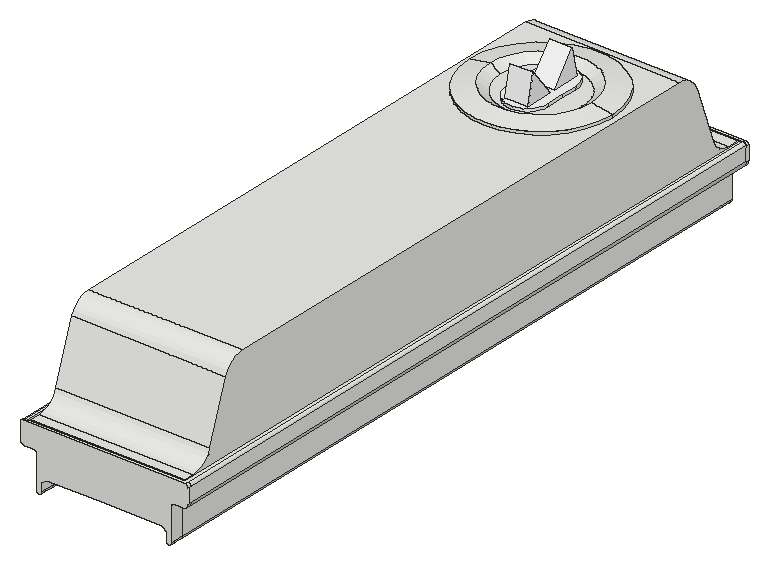
Revit family "Zumtobel TECTON 2 continuous row element RESCLITE PRO", category Lighting Fixtures, host Face, Revit 2023
Family settings
  Host = Face
  Round Connector Dimension = Use Diameter
  Part Type = Normal
  Cut with Voids When Loaded = Yes
  Light Source = No
  Maintain Annotation Orientation = No
  Shared = Yes
  Room Calculation Point = Yes
Parameters (values of type "<RESPRO TEC2 ESC HP E1D WH")
  Wattage = 8.2 W
  URL = "https://www.zumtobel.com/42191422"
  Type Light Source = Zumtobel-Light Source-TECTON 2-RESCLITE PRO : 42191422
  Type Image = ZS_RES_F_PRO_TECTON-II_ECx_ESC_WH.jpg
  Type IFC Predefined Type = "SECURITYLIGHTING"
  Type Comments = ""
  Type White = Zumtobel-Parts-TECTON 2-RESCLITE PRO-Housing : White
  Type Black = Zumtobel-Parts-TECTON 2-RESCLITE PRO-Housing : Black
  Type Housing = if(White, Type White, if(Black, Type Black, Type White))  # Zumtobel-Parts-TECTON 2-RESCLITE PRO-Housing : White
  White = yes
  Spot = no
  SELECT Radiation angle = "SELECT Radiation angle"  # constant formula
  SELECT Colour = "SELECT Colour"  # constant formula
  Lens Rotation Angle [instance] = 0.00°
  Include in Schedule [instance] = yes
  Export Type to IFC As = "IfcLightFixtureType"
  Escape 90 = no
  Escape = yes
  Black = no
  Power Factor = 0.84
  Model = "42191422"
  Manufacturer = "Zumtobel Lighting"  # constant formula
  Luminaire Width = 60 mm  # constant formula
  Luminaire Length = 250 mm  # constant formula
  Luminaire Height = 44 mm  # constant formula
  Lighting Trunking System Mark [instance] = ""
  Lamp = "LED"  # constant formula
  Description = "Emergency Lighting Luminaires"  # constant formula
  Default Elevation = 0 mm  # constant formula
  Assembly Code = "Pr_70_70_48_74"
  Apparent Load = Wattage / Power Factor  # 9.7619 VA
  Antipanic = no
Types (47, lengths in mm): name | Wattage | URL | Type Light Source | Spot | Escape 90 | Escape | Power Factor | Model | Apparent Load | Antipanic
  RESPRO TEC2 ANT E1D WH | 4.7 W | "https://www.zumtobel.com/42191036" | Zumtobel-Light Source-TECTON 2-RESCLITE PRO : 42191036 | no | no | no | 0.7 | "42191036" | 6.71429 VA | yes
  RESPRO TEC2 ANT E3D WH | 4.7 W | "https://www.zumtobel.com/42191423" | Zumtobel-Light Source-TECTON 2-RESCLITE PRO : 42191423 | no | no | no | 0.7 | "42191423" | 6.71429 VA | yes
  RESPRO TEC2 ESC E1D WH | 4.7 W | "https://www.zumtobel.com/42191332" | Zumtobel-Light Source-TECTON 2-RESCLITE PRO : 42191332 | no | no | yes | 0.7 | "42191332" | 6.71429 VA | no
  RESPRO TEC2 ESC E3D WH | 4.7 W | "https://www.zumtobel.com/42191331" | Zumtobel-Light Source-TECTON 2-RESCLITE PRO : 42191331 | no | no | yes | 0.7 | "42191331" | 6.71429 VA | no
  RESPRO TEC2 ESC90 E3D WH | 4.7 W | "https://www.zumtobel.com/42191393" | Zumtobel-Light Source-TECTON 2-RESCLITE PRO : 42191393 | no | yes | no | 0.7 | "42191393" | 6.71429 VA | no
  RESPRO TEC2 SPOT E3D WH | 4.7 W | "https://www.zumtobel.com/42191394" | Zumtobel-Light Source-TECTON 2-RESCLITE PRO : 42191394 | yes | no | no | 0.7 | "42191394" | 6.71429 VA | no
  <RESPRO TEC2 ESC HP E1D WH | 8.2 W | "https://www.zumtobel.com/42191422" | Zumtobel-Light Source-TECTON 2-RESCLITE PRO : 42191422 | no | no | yes | 0.84 | "42191422" | 9.7619 VA | no
  <RESPRO TEC2 SPOT HP E1D WH | 8.2 W | "https://www.zumtobel.com/42191390" | Zumtobel-Light Source-TECTON 2-RESCLITE PRO : 42191390 | yes | no | no | 0.84 | "42191390" | 9.7619 VA | no
  RESPRO TEC2 ESC90 HP E1D WH | 8.2 W | "https://www.zumtobel.com/42191389" | Zumtobel-Light Source-TECTON 2-RESCLITE PRO : 42191389 | no | yes | no | 0.84 | "42191389" | 9.7619 VA | no
  RESPRO TEC2 ANT HC E1D WH | 6.7 W | "https://www.zumtobel.com/42191391" | Zumtobel-Light Source-TECTON 2-RESCLITE PRO : 42191391 | no | no | no | 0.79 | "42191391" | 8.48101 VA | yes
  RESPRO TEC2 ESC HC E1D WH | 6.7 W | "https://www.zumtobel.com/42191392" | Zumtobel-Light Source-TECTON 2-RESCLITE PRO : 42191392 | no | no | yes | 0.79 | "42191392" | 8.48101 VA | no
  <RESPRO TEC2 SPOT ECC WH | 3.8 W | "https://www.zumtobel.com/42191400" | Zumtobel-Light Source-TECTON 2-RESCLITE PRO : 42191400 | yes | no | no | 0.65 | "42191400" | 5.84615 VA | no
  RESPRO TEC2 ANT ECC WH | 3.8 W | "https://www.zumtobel.com/42191424" | Zumtobel-Light Source-TECTON 2-RESCLITE PRO : 42191424 | no | no | no | 0.65 | "42191424" | 5.84615 VA | yes
  RESPRO TEC2 ANT ECD WH | 3.9 W | "https://www.zumtobel.com/42191333" | Zumtobel-Light Source-TECTON 2-RESCLITE PRO : 42191333 | no | no | no | 0.66 | "42191333" | 5.90909 VA | yes
  RESPRO TEC2 ANT ECP WH | 3.8 W | "https://www.zumtobel.com/42191037" | Zumtobel-Light Source-TECTON 2-RESCLITE PRO : 42191037 | no | no | no | 0.65 | "42191037" | 5.84615 VA | yes
  RESPRO TEC2 ANT ELP WH | 3.2 W | "https://www.zumtobel.com/42191425" | Zumtobel-Light Source-TECTON 2-RESCLITE PRO : 42191425 | no | no | no | 0.65 | "42191425" | 4.92308 VA | yes
  RESPRO TEC2 ESC ECC WH | 3.8 W | "https://www.zumtobel.com/42191401" | Zumtobel-Light Source-TECTON 2-RESCLITE PRO : 42191401 | no | no | yes | 0.65 | "42191401" | 5.84615 VA | no
  RESPRO TEC2 ESC ECD WH | 3.9 W | "https://www.zumtobel.com/42191408" | Zumtobel-Light Source-TECTON 2-RESCLITE PRO : 42191408 | no | no | yes | 0.66 | "42191408" | 5.90909 VA | no
  RESPRO TEC2 ESC ECP WH | 3.8 W | "https://www.zumtobel.com/42191334" | Zumtobel-Light Source-TECTON 2-RESCLITE PRO : 42191334 | no | no | yes | 0.65 | "42191334" | 5.84615 VA | no
  RESPRO TEC2 ESC ELP WH | 3.2 W | "https://www.zumtobel.com/42191388" | Zumtobel-Light Source-TECTON 2-RESCLITE PRO : 42191388 | no | no | yes | 0.65 | "42191388" | 4.92308 VA | no
  RESPRO TEC2 ESC90 ECC WH | 3.8 W | "https://www.zumtobel.com/42191399" | Zumtobel-Light Source-TECTON 2-RESCLITE PRO : 42191399 | no | yes | no | 0.65 | "42191399" | 5.84615 VA | no
  RESPRO TEC2 ESC90 ECD WH | 3.9 W | "https://www.zumtobel.com/42191409" | Zumtobel-Light Source-TECTON 2-RESCLITE PRO : 42191409 | no | yes | no | 0.66 | "42191409" | 5.90909 VA | no
  RESPRO TEC2 ESC90 ECP WH | 3.8 W | "https://www.zumtobel.com/42191416" | Zumtobel-Light Source-TECTON 2-RESCLITE PRO : 42191416 | no | yes | no | 0.65 | "42191416" | 5.84615 VA | no
  RESPRO TEC2 ESC90 ELP WH | 3.2 W | "https://www.zumtobel.com/42191387" | Zumtobel-Light Source-TECTON 2-RESCLITE PRO : 42191387 | no | yes | no | 0.65 | "42191387" | 4.92308 VA | no
  RESPRO TEC2 SPOT ECD WH | 3.9 W | "https://www.zumtobel.com/42191410" | Zumtobel-Light Source-TECTON 2-RESCLITE PRO : 42191410 | yes | no | no | 0.66 | "42191410" | 5.90909 VA | no
  RESPRO TEC2 SPOT ECP WH | 3.8 W | "https://www.zumtobel.com/42191417" | Zumtobel-Light Source-TECTON 2-RESCLITE PRO : 42191417 | yes | no | no | 0.65 | "42191417" | 5.84615 VA | no
  RESPRO TEC2 SPOT ELP WH | 3.2 W | "https://www.zumtobel.com/42191386" | Zumtobel-Light Source-TECTON 2-RESCLITE PRO : 42191386 | yes | no | no | 0.65 | "42191386" | 4.92308 VA | no
  <RESPRO TEC2 ESC HP ECP WH | 7.5 W | "https://www.zumtobel.com/42191381" | Zumtobel-Light Source-TECTON 2-RESCLITE PRO : 42191381 | no | no | yes | 0.8 | "42191381" | 9.375 VA | no
  RESPRO TEC2 ANT HP ECC WH | 7.2 W | "https://www.zumtobel.com/42191406" | Zumtobel-Light Source-TECTON 2-RESCLITE PRO : 42191406 | no | no | no | 0.81 | "42191406" | 8.88889 VA | yes
  RESPRO TEC2 ANT HP ECD WH | 7.2 W | "https://www.zumtobel.com/42191330" | Zumtobel-Light Source-TECTON 2-RESCLITE PRO : 42191330 | no | no | no | 0.81 | "42191330" | 8.88889 VA | yes
  RESPRO TEC2 ANT HP ECP WH | 7.5 W | "https://www.zumtobel.com/42191329" | Zumtobel-Light Source-TECTON 2-RESCLITE PRO : 42191329 | no | no | no | 0.81 | "42191329" | 9.25926 VA | yes
  RESPRO TEC2 ESC HP ECC WH | 7.2 W | "https://www.zumtobel.com/42191407" | Zumtobel-Light Source-TECTON 2-RESCLITE PRO : 42191407 | no | no | yes | 0.81 | "42191407" | 8.88889 VA | no
  RESPRO TEC2 ESC HP ECD WH | 7.2 W | "https://www.zumtobel.com/42191415" | Zumtobel-Light Source-TECTON 2-RESCLITE PRO : 42191415 | no | no | yes | 0.81 | "42191415" | 8.88889 VA | no
  RESPRO TEC2 ESC90 HP ECC WH | 7.2 W | "https://www.zumtobel.com/42191404" | Zumtobel-Light Source-TECTON 2-RESCLITE PRO : 42191404 | no | yes | no | 0.81 | "42191404" | 8.88889 VA | no
  RESPRO TEC2 ESC90 HP ECD WH | 7.2 W | "https://www.zumtobel.com/42191413" | Zumtobel-Light Source-TECTON 2-RESCLITE PRO : 42191413 | no | yes | no | 0.81 | "42191413" | 8.88889 VA | no
  RESPRO TEC2 ESC90 HP ECP WH | 7.5 W | "https://www.zumtobel.com/42191420" | Zumtobel-Light Source-TECTON 2-RESCLITE PRO : 42191420 | no | yes | no | 0.8 | "42191420" | 9.375 VA | no
  RESPRO TEC2 SPOT HP ECC WH | 7.2 W | "https://www.zumtobel.com/42191405" | Zumtobel-Light Source-TECTON 2-RESCLITE PRO : 42191405 | yes | no | no | 0.81 | "42191405" | 8.88889 VA | no
  RESPRO TEC2 SPOT HP ECD WH | 7.2 W | "https://www.zumtobel.com/42191414" | Zumtobel-Light Source-TECTON 2-RESCLITE PRO : 42191414 | yes | no | no | 0.81 | "42191414" | 8.88889 VA | no
  RESPRO TEC2 SPOT HP ECP WH | 7.5 W | "https://www.zumtobel.com/42191421" | Zumtobel-Light Source-TECTON 2-RESCLITE PRO : 42191421 | yes | no | no | 0.8 | "42191421" | 9.375 VA | no
  RESPRO TEC2 ANT HC ECC WH | 4.4 W | "https://www.zumtobel.com/42191402" | Zumtobel-Light Source-TECTON 2-RESCLITE PRO : 42191402 | no | no | no | 0.69 | "42191402" | 6.37681 VA | yes
  RESPRO TEC2 ANT HC ECD WH | 4.5 W | "https://www.zumtobel.com/42191411" | Zumtobel-Light Source-TECTON 2-RESCLITE PRO : 42191411 | no | no | no | 0.7 | "42191411" | 6.42857 VA | yes
  RESPRO TEC2 ANT HC ECP WH | 4.5 W | "https://www.zumtobel.com/42191418" | Zumtobel-Light Source-TECTON 2-RESCLITE PRO : 42191418 | no | no | no | 0.7 | "42191418" | 6.42857 VA | yes
  RESPRO TEC2 ANT HC ELP WH | 3.7 W | "https://www.zumtobel.com/42191385" | Zumtobel-Light Source-TECTON 2-RESCLITE PRO : 42191385 | no | no | no | 0.65 | "42191385" | 5.69231 VA | yes
  RESPRO TEC2 ESC HC ECC WH | 4.4 W | "https://www.zumtobel.com/42191403" | Zumtobel-Light Source-TECTON 2-RESCLITE PRO : 42191403 | no | no | yes | 0.69 | "42191403" | 6.37681 VA | no
  RESPRO TEC2 ESC HC ECD WH | 4.5 W | "https://www.zumtobel.com/42191412" | Zumtobel-Light Source-TECTON 2-RESCLITE PRO : 42191412 | no | no | yes | 0.7 | "42191412" | 6.42857 VA | no
  RESPRO TEC2 ESC HC ECP WH | 4.5 W | "https://www.zumtobel.com/42191419" | Zumtobel-Light Source-TECTON 2-RESCLITE PRO : 42191419 | no | no | yes | 0.7 | "42191419" | 6.42857 VA | no
  RESPRO TEC2 ESC HC ELP WH | 3.7 W | "https://www.zumtobel.com/42191384" | Zumtobel-Light Source-TECTON 2-RESCLITE PRO : 42191384 | no | no | yes | 0.65 | "42191384" | 5.69231 VA | no
Reference planes
  plane 1 "Center (Front/Back)": y = 0
  plane 2: z = 0
  plane 3 "Center (Left/Right)": x = 0
  plane 4 "Bottom": z = 44
  plane 5: x = -30
  plane 6: x = 30
  plane 7: y = 125
  plane 8: y = -125
  plane 9: y = 70
Lines and regions (mm)
  Filled region 1, type "White"
    outline origin (0, 0, 0) x (1, 0, 0) y (0, 1, 0)
      loop
        circle (0, 70) r 25.5
      loop
        line (-30, 125) -> (-30, -125) -> (30, -125) -> (30, 125) -> (-30, 125)
  Filled region 2, type "White"
    outline origin (0, 0, 0) x (1, 0, 0) y (0, 1, 0)
      loop
        circle (0, 70) r 25.5
  model lines, style "InvisibleLines"
    curve 1: line (-205, 125, 0) -> (205, 125, 0)
    curve 2: line (-205, -125, 0) -> (205, -125, 0)
    curve 7: line (0, 0, 0) -> (0, -300, 0)
    curve 8: line (0, -300, 0) -> (34.202, -206.031, 0)
    curve 9: line (0, -300, 0) -> (-34.202, -206.031, 0)
  reference lines
    curve 3: line (0, 0, 0) -> (0, -70, 0)
    curve 6: line (0, 70, 0) -> (0, -530, 0)
  model lines
    curve 4: line (-24.2, -125, 0) -> (24.2, -125, 0)
    curve 5: line (-24.2, 125, 0) -> (24.2, 125, 0)
Dimensions and locks
  "Luminaire Height": plane 4 "Bottom" to host face
  equal spacing: plane 5, plane 3 "Center (Left/Right)", plane 6
  "Luminaire Width": plane 5 to plane 6
  equal spacing: plane 8, plane 1 "Center (Front/Back)", plane 7
  "Luminaire Length": plane 8 to plane 7
  locked: plane 1 "Center (Front/Back)" to plane 9 at 70
  "Lens Rotation Angle": angle curve 6 to plane 3 "Center (Left/Right)"
  aligned and locked: plane 2 to host face
  aligned and locked: level to host face
  aligned and locked: plane 8 to curve 2
  aligned and locked: curve 1 to plane 7
  aligned and locked: Filled region 1 sketch curve to plane 8
  aligned and locked: Filled region 1 sketch curve to plane 7
  aligned and locked: Filled region 1 sketch curve to plane 6
  aligned and locked: plane 5 to Filled region 1 sketch curve
  aligned and locked: plane 1 "Center (Front/Back)" to nested 1
  aligned and locked: plane 3 "Center (Left/Right)" to nested 1
  aligned and locked: plane 9 to curve 6
  aligned and locked: plane 3 "Center (Left/Right)" to curve 6
  aligned and locked: nested 2 to plane 4 "Bottom"
Automatic sketch dimensions
  host sketch curve to host sketch curve = 2438.4 mm  (x2)
  Filled region 1 sketch curve to plane 3 "Center (Left/Right)" = 0 mm
  Filled region 1 sketch curve to plane 8 = 195 mm
  curve 4 to level = 0 mm
  plane 6 to curve 4 = 5.8 mm
  curve 4 to plane 5 = 5.8 mm
  curve 5 to level = 0 mm
  curve 5 to plane 6 = 5.8 mm
  plane 5 to curve 5 = 5.8 mm
  Filled region 2 sketch curve to plane 3 "Center (Left/Right)" = 0 mm
  Filled region 2 sketch curve to plane 7 = 55 mm
  plane 1 "Center (Front/Back)" to curve 7 = 0 mm
  curve 7 to plane 3 "Center (Left/Right)" = 0 mm
  plane 8 to curve 7 = 175 mm
  curve 9 to plane 5 = 4.202 mm
  curve 1 to plane 5 = 175 mm
  curve 2 to plane 5 = 175 mm
  plane 6 to curve 8 = 4.202 mm
  plane 6 to curve 1 = 175 mm
  plane 6 to curve 2 = 175 mm
  plane 8 to curve 9 = 81.031 mm
  curve 9 to curve 8 = 0 mm
  curve 3 to plane 3 "Center (Left/Right)" = 0 mm
  plane 1 "Center (Front/Back)" to curve 3 = 0 mm
  curve 3 to plane 8 = 55 mm
  radius of Filled region 1 sketch curve = 25.5 mm
  radius of Filled region 2 sketch curve = 25.5 mm
Nested families
  nested 1: "Zumtobel-Parts-TECTON 2-RESCLITE PRO-Housing" at (0, 0, 0) x (0, -1, 0) z (0, 0, -1), A <- "Luminaire Length", type <- "Type Housing", Antipanic <- "Antipanic", Escape <- "Escape", Escape 90 <- "Escape 90", Spot <- "Spot", type "White"
    with Spot no, HP no, HC no, Escape 90 no, Escape yes, Antipanic no, A 250 mm
  nested 2: "Zumtobel-Light Source-TECTON 2-RESCLITE PRO" at (0, 70, 44) x (-1, 0, 0) z (0, 0, -1), type <- "Type Light Source", type "42191422"
    with Angle 0.00°
Connectors
  electrical at (0, 0, 0), driven by "Apparent Load", driven by "Power Factor"
    settings: index 1, voltage 230 V, apparent load 9.7619 VA, apparent load phase1 0 VA, apparent load phase2 0 VA, apparent load phase3 0 VA, power factor 0.84, load classification "Lighting", number of poles 1, system type 30, power factor state 1, is connector primary yes, connector utility no, sub classification motor no, connector description ""
Definition of nested family "Zumtobel-Parts-TECTON 2-RESCLITE PRO-Housing"
  Parameters (values of type "White")
    Spot [instance] = yes
    Material Housing = none
    Material Cover = none
    Manufacturer = "Zumtobel Lighting"  # constant formula
    HP [instance] = no
    Escape 90 [instance] = no
    Escape [instance] = no
    Default Elevation = 0 mm  # constant formula
    C = 44 mm  # constant formula
    B = 60 mm  # constant formula
    HC [instance] = no
    Antipanic [instance] = no
    A [instance] = 250 mm  # constant formula
  Types (2, lengths in mm): name | Spot | HC | Antipanic
    Black | no | yes | yes
    White | yes | no | no
  Reference planes
    plane 1 "Center (Front/Back)": y = 0
    plane 2: z = 0
    plane 3 "Center (Left/Right)": x = 0
    plane 4: x = -125
    plane 5: x = 125
    plane 6: y = 30
    plane 7: y = -30
    plane 8: z = -44
    plane 9: x = -124
    plane 10: x = -120.5
    plane 11: x = 124
    plane 12: x = 120.5
    plane 13: x = -95.409
    plane 14: x = -70
  Forms (mm)
    Extrusion 1, solid, material <- "Material Housing"
      sketch origin (0, 7.257, -8.942) x (0, 1, 0) y (0, 0, 1)
        loop
          arc (16.943, 15.62) -> (15.922, 16.642) -> (14.9, 15.62) r 1.022
          line (14.9, 15.62) -> (14.9, 12.801) -> (10.329, 9.025) -> (-7.257, 9.025) -> (-24.842, 9.025) -> (-29.413, 12.801) -> (-29.413, 15.62)
          arc (-29.413, 15.62) -> (-30.435, 16.642) -> (-31.457, 15.62) r 1.022
          line (-31.457, 15.62) -> (-31.457, 3.728)
          arc (-31.457, 3.728) -> (-31.634, 3.298) -> (-32.064, 3.12) r 0.608
          line (-32.064, 3.12) -> (17.551, 3.12)
          arc (17.551, 3.12) -> (17.121, 3.298) -> (16.943, 3.728) r 0.608
          line (16.943, 3.728) -> (16.943, 15.62)
      from -120.5 to 120.5
    Extrusion 2, solid, material <- "Material Housing"
      sketch origin (0, 7.257, -8.942) x (0, 1, 0) y (0, 0, 1)
        loop
          line (-7.241, 3.12) -> (-35.357, 3.12)
          arc (-35.357, 3.12) -> (-36.7, 2.564) -> (-37.257, 1.22) r 1.9
          line (-37.257, 1.22) -> (-37.257, -3.866)
          arc (-37.257, -3.866) -> (-36.964, -4.573) -> (-36.257, -4.866) r 1
          line (-36.257, -4.866) -> (-35.257, -4.866) -> (-35.257, -1.866) -> (20.743, -1.866) -> (20.743, -4.866) -> (21.743, -4.866)
          arc (21.743, -4.866) -> (22.451, -4.573) -> (22.743, -3.866) r 1
          line (22.743, -3.866) -> (22.743, 1.22)
          arc (22.743, 1.22) -> (22.187, 2.564) -> (20.843, 3.12) r 1.9
          line (20.843, 3.12) -> (-7.241, 3.12)
      from -124 to 124
    Extrusion 3, solid, material <- "Material Housing"
      sketch origin (-125, 889.358, 1200) x (0, 1, 0) y (0, 0, 1)
        loop
          arc (-860.358, -1213.808) -> (-859.651, -1213.515) -> (-859.358, -1212.808) r 1
          line (-859.358, -1212.808) -> (-859.358, -1207.722)
          arc (-859.358, -1207.722) -> (-859.915, -1206.378) -> (-861.258, -1205.822) r 1.9
          line (-861.258, -1205.822) -> (-864.551, -1205.822)
          arc (-864.551, -1205.822) -> (-864.98, -1205.644) -> (-865.158, -1205.214) r 0.608
          line (-865.158, -1205.214) -> (-865.158, -1193.322)
          arc (-865.158, -1193.322) -> (-866.18, -1192.3) -> (-867.202, -1193.322) r 1.022
          line (-867.202, -1193.322) -> (-867.202, -1196.14) -> (-868.771, -1197.437) -> (-889.358, -1197.437) -> (-909.946, -1197.437) -> (-911.515, -1196.14) -> (-911.515, -1193.322)
          arc (-911.515, -1193.322) -> (-912.537, -1192.3) -> (-913.558, -1193.322) r 1.022
          line (-913.558, -1193.322) -> (-913.558, -1205.214)
          arc (-913.558, -1205.214) -> (-913.736, -1205.644) -> (-914.166, -1205.822) r 0.608
          line (-914.166, -1205.822) -> (-917.458, -1205.822)
          arc (-917.458, -1205.822) -> (-918.802, -1206.378) -> (-919.358, -1207.722) r 1.9
          line (-919.358, -1207.722) -> (-919.358, -1212.808)
          arc (-919.358, -1212.808) -> (-919.066, -1213.515) -> (-918.358, -1213.808) r 1
          line (-918.358, -1213.808) -> (-860.358, -1213.808)
      from 0 to 1
    Extrusion 4, solid, material <- "Material Housing"
      sketch origin (-125, 889.358, 1200) x (0, 1, 0) y (0, 0, 1)
        loop
          arc (-864.551, -1205.822) -> (-864.98, -1205.644) -> (-865.158, -1205.214) r 0.608
          line (-865.158, -1205.214) -> (-865.158, -1193.322)
          arc (-865.158, -1193.322) -> (-866.18, -1192.3) -> (-867.202, -1193.322) r 1.022
          line (-867.202, -1193.322) -> (-867.202, -1196.14) -> (-868.771, -1197.437) -> (-889.358, -1197.437) -> (-909.946, -1197.437) -> (-911.515, -1196.14) -> (-911.515, -1193.322)
          arc (-911.515, -1193.322) -> (-912.537, -1192.3) -> (-913.558, -1193.322) r 1.022
          line (-913.558, -1193.322) -> (-913.558, -1205.214)
          arc (-913.558, -1205.214) -> (-913.736, -1205.644) -> (-914.166, -1205.822) r 0.608
          line (-914.166, -1205.822) -> (-864.551, -1205.822)
      from 1 to 4.5
    Extrusion 5, solid, material <- "Material Housing"
      sketch origin (125, 889.358, 1200) x (0, 1, 0) y (0, 0, -1)
        loop
          line (-860.358, 1213.808) -> (-918.358, 1213.808)
          arc (-918.358, 1213.808) -> (-919.066, 1213.515) -> (-919.358, 1212.808) r 1
          line (-919.358, 1212.808) -> (-919.358, 1207.722)
          arc (-919.358, 1207.722) -> (-918.802, 1206.378) -> (-917.458, 1205.822) r 1.9
          line (-917.458, 1205.822) -> (-914.166, 1205.822)
          arc (-914.166, 1205.822) -> (-913.736, 1205.644) -> (-913.558, 1205.214) r 0.608
          line (-913.558, 1205.214) -> (-913.558, 1193.322)
          arc (-913.558, 1193.322) -> (-912.537, 1192.3) -> (-911.515, 1193.322) r 1.022
          line (-911.515, 1193.322) -> (-911.515, 1196.14) -> (-909.946, 1197.437) -> (-889.358, 1197.437) -> (-868.771, 1197.437) -> (-867.202, 1196.14) -> (-867.202, 1193.322)
          arc (-867.202, 1193.322) -> (-866.18, 1192.3) -> (-865.158, 1193.322) r 1.022
          line (-865.158, 1193.322) -> (-865.158, 1205.214)
          arc (-865.158, 1205.214) -> (-864.98, 1205.644) -> (-864.551, 1205.822) r 0.608
          line (-864.551, 1205.822) -> (-861.258, 1205.822)
          arc (-861.258, 1205.822) -> (-859.915, 1206.378) -> (-859.358, 1207.722) r 1.9
          line (-859.358, 1207.722) -> (-859.358, 1212.808)
          arc (-859.358, 1212.808) -> (-859.651, 1213.515) -> (-860.358, 1213.808) r 1
      from 0 to 1
    Extrusion 6, solid, material <- "Material Housing"
      sketch origin (125, 889.358, 1200) x (0, 1, 0) y (0, 0, -1)
        loop
          line (-864.551, 1205.822) -> (-914.166, 1205.822)
          arc (-914.166, 1205.822) -> (-913.736, 1205.644) -> (-913.558, 1205.214) r 0.608
          line (-913.558, 1205.214) -> (-913.558, 1193.322)
          arc (-913.558, 1193.322) -> (-912.537, 1192.3) -> (-911.515, 1193.322) r 1.022
          line (-911.515, 1193.322) -> (-911.515, 1196.14) -> (-909.946, 1197.437) -> (-889.358, 1197.437) -> (-868.771, 1197.437) -> (-867.202, 1196.14) -> (-867.202, 1193.322)
          arc (-867.202, 1193.322) -> (-866.18, 1192.3) -> (-865.158, 1193.322) r 1.022
          line (-865.158, 1193.322) -> (-865.158, 1205.214)
          arc (-865.158, 1205.214) -> (-864.98, 1205.644) -> (-864.551, 1205.822) r 0.608
      from 1 to 4.5
    Extrusion 7, solid, material <- "Material Housing"
      sketch origin (0, 0, 0) x (1, 0, 0) y (0, 0, 1)
        loop
          line (-123.5, -13.808) -> (-119.602, -13.808)
          arc (-119.602, -13.808) -> (-115.013, -15.255) -> (-112.084, -19.072) r 8
          line (-112.084, -19.072) -> (-104.927, -38.736)
          arc (-104.927, -38.736) -> (-101.998, -42.553) -> (-97.409, -44) r 8
          line (-97.409, -44) -> (97.409, -44)
          arc (97.409, -44) -> (101.998, -42.553) -> (104.927, -38.736) r 8
          line (104.927, -38.736) -> (112.084, -19.072)
          arc (112.084, -19.072) -> (115.013, -15.255) -> (119.602, -13.808) r 8
          line (119.602, -13.808) -> (123.5, -13.808) -> (123.5, -10.808) -> (-123.5, -10.808) -> (-123.5, -13.808)
      from -27.5 to 27.5
    Revolve 8, solid, material <- "Material Housing"
      sketch origin (-70, 0, -44) x (0, 1, 0) y (0, 0, 1)
        loop
          line (25.5, -1) -> (25.5, 0) -> (14.687, 0) -> (18.114, -2.284) -> (25.5, -1)
        axis (0, 0) -> (0, -2.284)
      angle from 0 to 360
  Cuts and joins
    joined: Extrusion 2, Extrusion 5, Extrusion 6
    joined: Extrusion 1, Extrusion 3, Extrusion 4
  Dimensions and locks
    equal spacing: plane 4, plane 3 "Center (Left/Right)", plane 5
    "A": plane 4 to plane 5
    equal spacing: plane 6, plane 1 "Center (Front/Back)", plane 7
    "B": plane 6 to plane 7
    "C": plane 8 to level
    locked: plane 4 to plane 9 at 1
    locked: plane 4 to plane 10 at 4.5
    locked: plane 5 to plane 11 at 1
    locked: plane 5 to plane 12 at 4.5
    aligned and locked: level to plane 2
    aligned and locked: Extrusion 1 to plane 12
    aligned and locked: Extrusion 2 to plane 11
    aligned and locked: Extrusion 1 to plane 10
    aligned and locked: Extrusion 2 to plane 9
  Automatic sketch dimensions
    Extrusion 1 sketch curve to plane 1 "Center (Front/Back)" = 0 mm
    level to Extrusion 1 sketch curve = 0.083 mm
    plane 7 to Extrusion 1 sketch curve = 12.414 mm
    Extrusion 1 sketch curve to Extrusion 1 sketch curve = 4.571 mm  (x2)
    Extrusion 1 sketch curve to Extrusion 1 sketch curve = 1.022 mm  (x2)
    Extrusion 1 sketch curve to Extrusion 1 sketch curve = 0.608 mm  (x2)
    plane 6 to Extrusion 1 sketch curve = 12.414 mm
    Extrusion 1 sketch curve to level = 5.214 mm  (x2)
    level to Extrusion 1 sketch curve = 3.86 mm  (x2)
    Extrusion 1 sketch curve to Extrusion 1 sketch curve = 2.819 mm  (x2)
    Extrusion 1 sketch curve to Extrusion 1 sketch curve = 0 mm
    Extrusion 2 sketch curve to plane 7 = 0 mm
    Extrusion 2 sketch curve to plane 6 = 0 mm
    plane 7 to Extrusion 2 sketch curve = 1 mm
    plane 7 to Extrusion 2 sketch curve = 1.9 mm
    Extrusion 2 sketch curve to Extrusion 2 sketch curve = 1 mm
    Extrusion 2 sketch curve to plane 1 "Center (Front/Back)" = 0.016 mm
    plane 6 to Extrusion 2 sketch curve = 2 mm
    plane 6 to Extrusion 2 sketch curve = 1.9 mm
    plane 6 to Extrusion 2 sketch curve = 1 mm
    Extrusion 2 sketch curve to level = 13.808 mm  (x2)
    Extrusion 2 sketch curve to Extrusion 2 sketch curve = 2 mm
    Extrusion 2 sketch curve to Extrusion 2 sketch curve = 3.086 mm
    Extrusion 3 sketch curve to plane 7 = 0 mm
    Extrusion 3 sketch curve to plane 1 "Center (Front/Back)" = 0 mm
    Extrusion 3 sketch curve to plane 6 = 0 mm
    plane 7 to Extrusion 3 sketch curve = 1 mm
    plane 7 to Extrusion 3 sketch curve = 1.9 mm
    Extrusion 3 sketch curve to Extrusion 3 sketch curve = 3.292 mm
    Extrusion 3 sketch curve to Extrusion 3 sketch curve = 0.608 mm  (x2)
    Extrusion 3 sketch curve to Extrusion 3 sketch curve = 1.022 mm  (x2)
    Extrusion 3 sketch curve to Extrusion 3 sketch curve = 1.569 mm  (x2)
    level to Extrusion 3 sketch curve = 2.563 mm
    plane 6 to Extrusion 3 sketch curve = 9.413 mm
    level to Extrusion 3 sketch curve = 3.86 mm
    plane 6 to Extrusion 3 sketch curve = 1.9 mm
    plane 6 to Extrusion 3 sketch curve = 1 mm
    Extrusion 3 sketch curve to level = 5.214 mm  (x2)
    Extrusion 3 sketch curve to Extrusion 3 sketch curve = 5.086 mm
    Extrusion 3 sketch curve to Extrusion 3 sketch curve = 1.297 mm
    Extrusion 3 sketch curve to Extrusion 3 sketch curve = 2.819 mm  (x2)
    Extrusion 4 sketch curve to plane 1 "Center (Front/Back)" = 0 mm
    level to Extrusion 4 sketch curve = 2.563 mm
    plane 7 to Extrusion 4 sketch curve = 9.413 mm
    Extrusion 4 sketch curve to Extrusion 4 sketch curve = 1.569 mm  (x2)
    Extrusion 4 sketch curve to Extrusion 4 sketch curve = 1.022 mm  (x2)
    Extrusion 4 sketch curve to Extrusion 4 sketch curve = 0.608 mm  (x3)
    plane 6 to Extrusion 4 sketch curve = 9.413 mm
    Extrusion 4 sketch curve to level = 5.214 mm
    Extrusion 4 sketch curve to Extrusion 4 sketch curve = 1.297 mm  (x2)
    Extrusion 4 sketch curve to Extrusion 4 sketch curve = 2.819 mm  (x2)
    Extrusion 4 sketch curve to Extrusion 4 sketch curve = 0 mm
    Extrusion 5 sketch curve to plane 7 = 0 mm
    Extrusion 5 sketch curve to plane 1 "Center (Front/Back)" = 0 mm
    Extrusion 5 sketch curve to plane 6 = 0 mm
    Extrusion 5 sketch curve to plane 7 = 1 mm
    Extrusion 5 sketch curve to plane 7 = 1.9 mm
    Extrusion 5 sketch curve to Extrusion 5 sketch curve = 3.292 mm
    Extrusion 5 sketch curve to Extrusion 5 sketch curve = 0.608 mm  (x2)
    Extrusion 5 sketch curve to Extrusion 5 sketch curve = 1.022 mm  (x2)
    Extrusion 5 sketch curve to Extrusion 5 sketch curve = 1.569 mm  (x2)
    Extrusion 5 sketch curve to level = 2.563 mm
    Extrusion 5 sketch curve to plane 6 = 9.413 mm
    Extrusion 5 sketch curve to level = 3.86 mm
    Extrusion 5 sketch curve to plane 6 = 1.9 mm
    Extrusion 5 sketch curve to plane 6 = 1 mm
    level to Extrusion 5 sketch curve = 5.214 mm  (x2)
    Extrusion 5 sketch curve to Extrusion 5 sketch curve = 5.086 mm
    Extrusion 5 sketch curve to Extrusion 5 sketch curve = 1.297 mm
    Extrusion 5 sketch curve to Extrusion 5 sketch curve = 2.819 mm  (x2)
    Extrusion 6 sketch curve to plane 1 "Center (Front/Back)" = 0 mm
    Extrusion 6 sketch curve to level = 2.563 mm
    Extrusion 6 sketch curve to plane 7 = 9.413 mm
    Extrusion 6 sketch curve to Extrusion 6 sketch curve = 1.569 mm  (x2)
    Extrusion 6 sketch curve to Extrusion 6 sketch curve = 1.022 mm  (x2)
    Extrusion 6 sketch curve to Extrusion 6 sketch curve = 0.608 mm  (x3)
    Extrusion 6 sketch curve to plane 6 = 9.413 mm
    level to Extrusion 6 sketch curve = 5.214 mm
    Extrusion 6 sketch curve to Extrusion 6 sketch curve = 1.297 mm  (x2)
    Extrusion 6 sketch curve to Extrusion 6 sketch curve = 2.819 mm  (x2)
    Extrusion 6 sketch curve to Extrusion 6 sketch curve = 0 mm
    Extrusion 7 sketch curve to plane 8 = 0 mm
    plane 9 to Extrusion 7 sketch curve = 0.5 mm
    plane 10 to Extrusion 7 sketch curve = 0.898 mm
    Extrusion 7 sketch curve to Extrusion 7 sketch curve = 7.518 mm
    Extrusion 7 sketch curve to plane 8 = 5.264 mm  (x2)
    Extrusion 7 sketch curve to plane 13 = 9.518 mm
    Extrusion 7 sketch curve to plane 13 = 2 mm
    Extrusion 7 sketch curve to plane 8 = 8 mm
    plane 12 to Extrusion 7 sketch curve = 23.091 mm
    plane 12 to Extrusion 7 sketch curve = 8.416 mm
    plane 12 to Extrusion 7 sketch curve = 0.898 mm
    plane 11 to Extrusion 7 sketch curve = 0.5 mm
    Extrusion 7 sketch curve to level = 21.808 mm  (x2)
    Extrusion 7 sketch curve to Extrusion 7 sketch curve = 2.736 mm  (x2)
    Extrusion 7 sketch curve to Extrusion 7 sketch curve = 3 mm
    Revolve 8 sketch curve to plane 1 "Center (Front/Back)" = 0 mm
    plane 8 to Revolve 8 sketch curve = 0 mm
    Revolve 8 sketch curve to plane 1 "Center (Front/Back)" = 14.687 mm
    plane 8 to Revolve 8 sketch curve = 2.284 mm
    Revolve 8 sketch curve to Revolve 8 sketch curve = 3.427 mm
    plane 8 to Revolve 8 sketch curve = 1 mm
    plane 6 to Revolve 8 sketch curve = 4.5 mm
    Revolve 8 sketch curve to Revolve 8 sketch curve = 485.708 mm
    level to Revolve 8 sketch curve = 2697.474 mm
Definition of nested family "Zumtobel-Light Source-TECTON 2-RESCLITE PRO"
  Parameters (values of type "42191036")
    Wattage = 4.7 W
    built-in parameter 1150110 = 1 (stored number, unit not read)
    Visibility Right = Antipanic  # yes
    Visibility Left = or(Antipanic, Spot, Escape 90)  # yes
    Visibility Front = or(Antipanic, Escape, Escape 90)  # yes
    Visibility Back = or(Antipanic, Escape)  # yes
    built-in parameter 1114217 = 1 (stored number, unit not read)
    Tilt Angle = 90.00°  # constant formula
    built-in parameter 1150109 = 1 (stored number, unit not read)
    built-in parameter 1150134 = (empty or 0)
    built-in parameter 1150113 = 1 (stored number, unit not read)
    Spot = no
    Power Factor = 0.7
    Photometric Web File = "42191036_(STD_LEO).IES"
    Model = "Light Source"  # constant formula
    Material Housing = none
    Material Cover = none
    Manufacturer = "Zumtobel Lighting"  # constant formula
    Lumens = 233 lm
    built-in parameter 1150115 = 1 (stored number, unit not read)
    built-in parameter 1150105 = 330.25 (stored number, unit not read)
    built-in parameter 1150137 = (empty or 0)
    built-in parameter 1150139 = (empty or 0)
    built-in parameter 1150112 = 1 (stored number, unit not read)
    built-in parameter 1150114 = 1 (stored number, unit not read)
    Lamp = "LED"
    built-in parameter 1150132 = 2
    built-in parameter 1150102 = (empty or 0)
    built-in parameter 1150138 = (empty or 0)
    built-in parameter 1150107 = 4000 (stored number, unit not read)
    built-in parameter 1150106 = 3.3025 (stored number, unit not read)
    Escape 90 = no
    Escape = no
    built-in parameter 1150104 = 4.6452 (stored number, unit not read)
    Dimming Lamp Color Temperature Shift = (empty or 0)
    Description = "00"
    Default Elevation = 0 mm
    Color Filter = 16777215
    built-in parameter 1114218 = 1 (stored number, unit not read)
    built-in parameter 1150133 = 10 (stored number, unit not read)
    Apparent Load = Wattage / Power Factor  # 6.71429 VA
    Antipanic = yes
    Angle [instance] = 90.00°
  Types (47, lengths in mm): name | Wattage | Visibility Right | Visibility Left | Visibility Front | Visibility Back | Spot | Power Factor | Photometric Web File | Lumens | Escape 90 | Escape | built-in parameter 1150104 | Description | Apparent Load | Antipanic
    42191036 | 4.7 W | yes | yes | yes | yes | no | 0.7 | "42191036_(STD_LEO).IES" | 233 lm | no | no | 4.6452 (stored number, unit not read) | "00" | 6.71429 VA | yes
    42191423 | 4.7 W | yes | yes | yes | yes | no | 0.7 | "42191423_(STD_LEO).IES" | 207 lm | no | no | 4.0877 (stored number, unit not read) | "" | 6.71429 VA | yes
    42191332 | 4.7 W | no | no | yes | yes | no | 0.7 | "42191332_(STD_LEO).IES" | 250 lm | no | yes | 4.9239 (stored number, unit not read) | "" | 6.71429 VA | no
    42191331 | 4.7 W | no | no | yes | yes | no | 0.7 | "42191331_(STD_LEO).IES" | 222 lm | no | yes | 4.3664 (stored number, unit not read) | "" | 6.71429 VA | no
    42191393 | 4.7 W | no | yes | yes | no | no | 0.7 | "42191393_(STD_LEO).IES" | 222 lm | yes | no | 4.3664 (stored number, unit not read) | "" | 6.71429 VA | no
    42191394 | 4.7 W | no | yes | no | no | yes | 0.7 | "42191394_(STD_LEO).IES" | 224 lm | no | no | 4.4593 (stored number, unit not read) | "" | 6.71429 VA | no
    42191422 | 8.2 W | no | no | yes | yes | no | 0.84 | "42191422_(STD_LEO).IES" | 477 lm | no | yes | 5.3884 (stored number, unit not read) | "" | 9.7619 VA | no
    42191390 | 8.2 W | no | yes | no | no | yes | 0.84 | "42191390_(STD_LEO).IES" | 477 lm | no | no | 5.3884 (stored number, unit not read) | "" | 9.7619 VA | no
    42191389 | 8.2 W | no | yes | yes | no | no | 0.84 | "42191389_(STD_LEO).IES" | 477 lm | yes | no | 5.3884 (stored number, unit not read) | "" | 9.7619 VA | no
    42191391 | 6.7 W | yes | yes | yes | yes | no | 0.79 | "42191391_(STD_LEO).IES" | 367 lm | no | no | 5.1097 (stored number, unit not read) | "" | 8.48101 VA | yes
    42191392 | 6.7 W | no | no | yes | yes | no | 0.79 | "42191392_(STD_LEO).IES" | 363 lm | no | yes | 5.0168 (stored number, unit not read) | "" | 8.48101 VA | no
    42191400 | 3.8 W | no | yes | no | no | yes | 0.65 | "42191400_(STD_LEO).IES" | 332 lm | no | no | 8.0826 (stored number, unit not read) | "" | 5.84615 VA | no
    42191424 | 3.8 W | yes | yes | yes | yes | no | 0.65 | "42191424_(STD_LEO).IES" | 307 lm | no | no | 7.5251 (stored number, unit not read) | "" | 5.84615 VA | yes
    42191333 | 3.9 W | yes | yes | yes | yes | no | 0.66 | "42191333_(STD_LEO).IES" | 307 lm | no | no | 7.3393 (stored number, unit not read) | "" | 5.90909 VA | yes
    42191037 | 3.8 W | yes | yes | yes | yes | no | 0.65 | "42191037_(STD_LEO).IES" | 307 lm | no | no | 7.5251 (stored number, unit not read) | "" | 5.84615 VA | yes
    42191425 | 3.2 W | yes | yes | yes | yes | no | 0.65 | "42191425_(STD_LEO).IES" | 307 lm | no | no | 8.9187 (stored number, unit not read) | "" | 4.92308 VA | yes
    42191401 | 3.8 W | no | no | yes | yes | no | 0.65 | "42191401_(STD_LEO).IES" | 332 lm | no | yes | 8.0826 (stored number, unit not read) | "" | 5.84615 VA | no
    42191408 | 3.9 W | no | no | yes | yes | no | 0.66 | "42191408_(STD_LEO).IES" | 332 lm | no | yes | 7.8968 (stored number, unit not read) | "" | 5.90909 VA | no
    42191334 | 3.8 W | no | no | yes | yes | no | 0.65 | "42191334_(STD_LEO).IES" | 332 lm | no | yes | 8.0826 (stored number, unit not read) | "" | 5.84615 VA | no
    42191388 | 3.2 W | no | no | yes | yes | no | 0.65 | "42191388_(STD_LEO).IES" | 332 lm | no | yes | 9.6619 (stored number, unit not read) | "" | 4.92308 VA | no
    42191399 | 3.8 W | no | yes | yes | no | no | 0.65 | "42191399_(STD_LEO).IES" | 329 lm | yes | no | 8.0826 (stored number, unit not read) | "" | 5.84615 VA | no
    42191409 | 3.9 W | no | yes | yes | no | no | 0.66 | "42191409_(STD_LEO).IES" | 329 lm | yes | no | 7.8039 (stored number, unit not read) | "" | 5.90909 VA | no
    42191416 | 3.8 W | no | yes | yes | no | no | 0.65 | "42191416_(STD_LEO).IES" | 329 lm | yes | no | 8.0826 (stored number, unit not read) | "" | 5.84615 VA | no
    42191387 | 3.2 W | no | yes | yes | no | no | 0.65 | "42191387_(STD_LEO).IES" | 329 lm | yes | no | 9.569 (stored number, unit not read) | "" | 4.92308 VA | no
    42191410 | 3.9 W | no | yes | no | no | yes | 0.66 | "42191410_(STD_LEO).IES" | 332 lm | no | no | 7.8968 (stored number, unit not read) | "" | 5.90909 VA | no
    42191417 | 3.8 W | no | yes | no | no | yes | 0.65 | "42191417_(STD_LEO).IES" | 332 lm | no | no | 8.0826 (stored number, unit not read) | "" | 5.84615 VA | no
    42191386 | 3.2 W | no | yes | no | no | yes | 0.65 | "42191386_(STD_LEO).IES" | 332 lm | no | no | 9.6619 (stored number, unit not read) | "" | 4.92308 VA | no
    42191381 | 7.5 W | no | no | yes | yes | no | 0.8 | "42191381_(STD_LEO).IES" | 562 lm | no | yes | 6.9677 (stored number, unit not read) | "" | 9.375 VA | no
    42191406 | 7.2 W | yes | yes | yes | yes | no | 0.81 | "42191406_(STD_LEO).IES" | 519 lm | no | no | 6.689 (stored number, unit not read) | "" | 8.88889 VA | yes
    42191330 | 7.2 W | yes | yes | yes | yes | no | 0.81 | "42191330_(STD_LEO).IES" | 519 lm | no | no | 6.689 (stored number, unit not read) | "" | 8.88889 VA | yes
    42191329 | 7.5 W | yes | yes | yes | yes | no | 0.81 | "42191329_(STD_LEO).IES" | 519 lm | no | no | 6.4103 (stored number, unit not read) | "" | 9.25926 VA | yes
    42191407 | 7.2 W | no | no | yes | yes | no | 0.81 | "42191407_(STD_LEO).IES" | 562 lm | no | yes | 7.2464 (stored number, unit not read) | "" | 8.88889 VA | no
    42191415 | 7.2 W | no | no | yes | yes | no | 0.81 | "42191415_(STD_LEO).IES" | 562 lm | no | yes | 7.2464 (stored number, unit not read) | "" | 8.88889 VA | no
    42191404 | 7.2 W | no | yes | yes | no | no | 0.81 | "42191404_(STD_LEO).IES" | 556 lm | yes | no | 7.1535 (stored number, unit not read) | "" | 8.88889 VA | no
    42191413 | 7.2 W | no | yes | yes | no | no | 0.81 | "42191413_(STD_LEO).IES" | 556 lm | yes | no | 7.1535 (stored number, unit not read) | "" | 8.88889 VA | no
    42191420 | 7.5 W | no | yes | yes | no | no | 0.8 | "42191420_(STD_LEO).IES" | 556 lm | yes | no | 6.8748 (stored number, unit not read) | "" | 9.375 VA | no
    42191405 | 7.2 W | no | yes | no | no | yes | 0.81 | "42191405_(STD_LEO).IES" | 562 lm | no | no | 7.2464 (stored number, unit not read) | "" | 8.88889 VA | no
    42191414 | 7.2 W | no | yes | no | no | yes | 0.81 | "42191414_(STD_LEO).IES" | 562 lm | no | no | 7.2464 (stored number, unit not read) | "" | 8.88889 VA | no
    42191421 | 7.5 W | no | yes | no | no | yes | 0.8 | "42191421_(STD_LEO).IES" | 562 lm | no | no | 6.9677 (stored number, unit not read) | "" | 9.375 VA | no
    42191402 | 4.4 W | yes | yes | yes | yes | no | 0.69 | "42191402_(STD_LEO).IES" | 383 lm | no | no | 8.0826 (stored number, unit not read) | "" | 6.37681 VA | yes
    42191411 | 4.5 W | yes | yes | yes | yes | no | 0.7 | "42191411_(STD_LEO).IES" | 383 lm | no | no | 7.8968 (stored number, unit not read) | "" | 6.42857 VA | yes
    42191418 | 4.5 W | yes | yes | yes | yes | no | 0.7 | "42191418_(STD_LEO).IES" | 383 lm | no | no | 7.8968 (stored number, unit not read) | "" | 6.42857 VA | yes
    42191385 | 3.7 W | yes | yes | yes | yes | no | 0.65 | "42191385_(STD_LEO).IES" | 383 lm | no | no | 9.6619 (stored number, unit not read) | "" | 5.69231 VA | yes
    42191403 | 4.4 W | no | no | yes | yes | no | 0.69 | "42191403_(STD_LEO).IES" | 378 lm | no | yes | 7.9897 (stored number, unit not read) | "" | 6.37681 VA | no
    42191412 | 4.5 W | no | no | yes | yes | no | 0.7 | "42191412_(STD_LEO).IES" | 378 lm | no | yes | 7.8039 (stored number, unit not read) | "" | 6.42857 VA | no
    42191419 | 4.5 W | no | no | yes | yes | no | 0.7 | "42191419_(STD_LEO).IES" | 378 lm | no | yes | 7.8039 (stored number, unit not read) | "" | 6.42857 VA | no
    42191384 | 3.7 W | no | no | yes | yes | no | 0.65 | "42191384_(STD_LEO).IES" | 378 lm | no | yes | 9.4761 (stored number, unit not read) | "" | 5.69231 VA | no
  Reference planes
    plane 1 "Light Source Axis (F/B)": y = 0
    plane 2: z = 0
    plane 3 "Light Source Axis (L/R)": x = 0
    plane 4 "Light Source Elevation": z = -11
  Forms (mm)
    Extrusion 1, solid, material <- "Material Cover", visible <- "Escape"
      sketch origin (0, 0, 2) x (0, -1, 0) y (0, 0, 1)
        loop
          line (11, -3) -> (1, -3) -> (8.874, -13) -> (11, -3)
        loop
          line (-11, -3) -> (-8.874, -13) -> (-1, -3) -> (-11, -3)
      from -4 to 4
    Extrusion 2, solid, material <- "Material Cover"
      sketch origin (0, 0, 0) x (-1, 0, 0) y (0, -1, 0)
        loop
          line (-7.5, 0) -> (-7.5, -6.187)
          arc (-7.5, -6.187) -> (0, -13.687) -> (7.5, -6.187) r 7.5
          line (7.5, -6.187) -> (7.5, 0) -> (7.5, 6.187)
          arc (7.5, 6.187) -> (0, 13.687) -> (-7.5, 6.187) r 7.5
          line (-7.5, 6.187) -> (-7.5, 0)
      from -1 to 0
    Revolve 3, solid, material <- "Material Cover", visible <- "Antipanic"
      sketch origin (0, 0, 1) x (0, -1, 0) y (0, 0, 1)
        loop
          line (6.187, -2) -> (6.187, -7)
          arc (6.187, -7) -> (10.694, -5.635) -> (13.687, -2) r 8.125
          line (13.687, -2) -> (6.187, -2)
        axis (6.187, -7) -> (6.187, -2)
      angle from 0 to 360
    Revolve 4, solid, material <- "Material Cover", visible <- "Antipanic"
      sketch origin (0, 0, 1) x (0, 1, 0) y (0, 0, -1)
        loop
          line (6.187, 2) -> (13.687, 2)
          arc (13.687, 2) -> (10.694, 5.635) -> (6.187, 7) r 8.125
          line (6.187, 7) -> (6.187, 2)
        axis (6.187, 7) -> (6.187, 2)
      angle from 0 to 360
    Extrusion 5, solid, material <- "Material Cover", visible <- "Escape 90"
      sketch origin (0, 0, 2) x (0, -1, 0) y (0, 0, 1)
        loop
          line (11, -3) -> (1, -3) -> (8.874, -13) -> (11, -3)
      from -4 to 4
    Extrusion 6, solid, material <- "Material Cover", visible <- "Escape 90"
      sketch origin (-6, 6, 2) x (1, 0, 0) y (0, 0, -1)
        loop
          line (1, 3) -> (11, 3) -> (3.126, 13) -> (1, 3)
      from -4 to 4
    Extrusion 7, solid, visible <- "Spot"
      sketch origin (-899.918, 70, 0) x (0, 1, 0) y (1, 0, 0)
        loop
          line (-74, 893.918) -> (-66, 893.918)
          arc (-66, 893.918) -> (-61.757, 895.676) -> (-60, 899.918) r 6
          arc (-60, 899.918) -> (-61.757, 904.161) -> (-66, 905.918) r 6
          line (-66, 905.918) -> (-74, 905.918)
          arc (-74, 905.918) -> (-78.243, 904.161) -> (-80, 899.918) r 6
          arc (-80, 899.918) -> (-78.243, 895.676) -> (-74, 893.918) r 6
      from 1 to 4
    Extrusion 8, void
      sketch origin (0, 0, 0) x (1, 0, 0) y (0, 0, 1)
        loop
          line (9.125, -4.781) -> (-6.781, -0.805) -> (-6.781, -4.781) -> (9.125, -4.781)
      from -25 to 25
  Cuts and joins
    Extrusion 8 cuts Extrusion 7
  Lines and regions (mm)
    model lines, visible <- "Visibility Front"
      curve 1: line (0, 0, 0) -> (0, -500, 0)
      curve 2: line (0, -500, 0) -> (51.303, -359.046, 0)
      curve 3: line (0, -500, 0) -> (-51.303, -359.046, 0)
    model lines, visible <- "Visibility Right"
      curve 4: line (0, 0, 0) -> (500, 0, 0)
      curve 5: line (500, 0, 0) -> (359.046, 51.303, 0)
      curve 6: line (500, 0, 0) -> (359.046, -51.303, 0)
    model lines, visible <- "Visibility Back"
      curve 7: line (0, 0, 0) -> (0, 500, 0)
      curve 8: line (0, 500, 0) -> (-51.303, 359.046, 0)
      curve 9: line (0, 500, 0) -> (51.303, 359.046, 0)
    model lines, visible <- "Visibility Left"
      curve 10: line (0, 0, 0) -> (-500, 0, 0)
      curve 11: line (-500, 0, 0) -> (-359.046, -51.303, 0)
      curve 12: line (-500, 0, 0) -> (-359.046, 51.303, 0)
  Dimensions and locks
    aligned and locked: plane 4 "Light Source Elevation" to imposter light
    aligned and locked: level to plane 2
